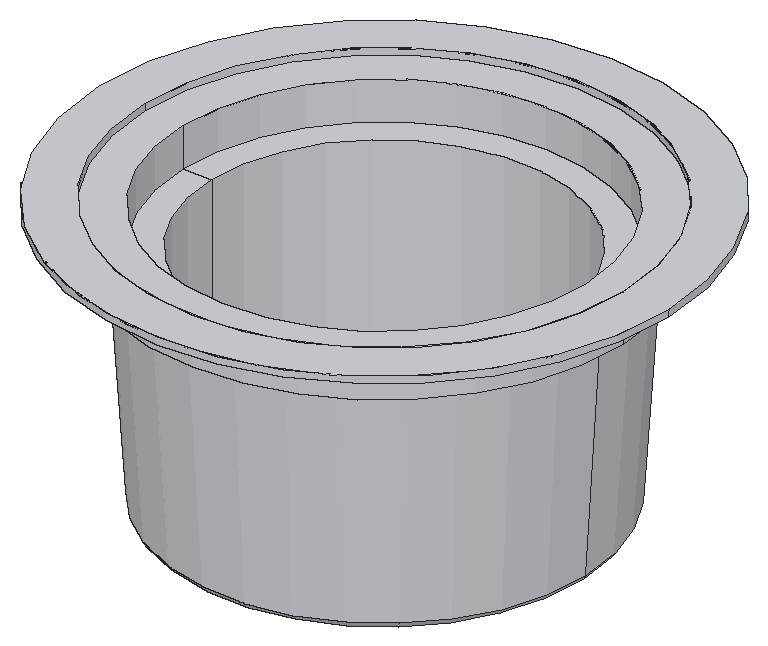
Revit family "Lighting-Terziario-GEWISS-ELIA-AL-LED_INCASSO_ACCENTO_D172", category Apparecchi per illuminazione, host Superficie, Revit 2019 (continued)
Types (16, lengths in mm): name | Temperatura di colore: | Temperatura di colore | Scheda Tecnica | Ottica | built-in parameter 1150142 | Lumen output (lm) | Model | IDT | File diagramma fotometrico | Description
  GWF1410MG840 - ELIA AL M2 40K 36° ST.ALONE ON/OFF CRI80 | "4000K" | "4000K" | "https://www.gewiss.com/it/it/search?q=GWF1410MG840" | "36°" | "IESNA:LM-63-1995\r\n[TEST] 1\r\n[DATE] 27 Nov 2019\r\n[MANUFAC] GEWISS\r\n[LUMCAT] GWF1410MG840\r\n[LUMINAIRE] ELIA AL - M2 36° LED840 25W\r\n[FLASHAREA] 0.003065\r\n[LAMPCAT] LED 25W/2700lm\r\n[LAMP] LED 25W/2700lm\r\nTILT=NONE\r\n1 2700.00 1.0 91 4 1 2 -0.127 0.000 0.000\r\n1.00 1.00 25.00\r\n0.00 1.00 2.00 3.00 4.00 5.00 6.00 7.00 8.00 9.00 10.00 \r\n11.00 12.00 13.00 14.00 15.00 16.00 17.00 18.00 19.00 \r\n20.00 21.00 22.00 23.00 24.00 25.00 26.00 27.00 28.00 \r\n29.00 30.00 31.00 32.00 33.00 34.00 35.00 36.00 37.00 \r\n38.00 39.00 40.00 41.00 42.00 43.00 44.00 45.00 46.00 \r\n47.00 48.00 49.00 50.00 51.00 52.00 53.00 54.00 55.00 \r\n56.00 57.00 58.00 59.00 60.00 61.00 62.00 63.00 64.00 \r\n65.00 66.00 67.00 68.00 69.00 70.00 71.00 72.00 73.00 \r\n74.00 75.00 76.00 77.00 78.00 79.00 80.00 81.00 82.00 \r\n83.00 84.00 85.00 86.00 87.00 88.00 89.00 90.00 \r\n0.00 30.00 60.00 90.00 \r\n5832.00 5814.45 5775.30 5721.30 5655.15 5564.70 5443.20 \r\n5314.95 5157.00 4982.85 4792.50 4579.20 4351.05 4108.05 \r\n3854.25 3600.45 3335.85 3075.57 2820.15 2575.26 2339.95 \r\n2122.47 1922.81 1731.38 1566.95 1418.31 1284.26 1167.75 \r\n1062.72 969.44 886.82 812.84 745.88 684.99 630.72 581.18 \r\n533.12 489.92 449.01 411.35 372.46 336.56 300.83 263.17 \r\n225.02 186.33 148.61 116.72 89.41 64.10 43.72 30.92 22.87 \r\n15.53 10.53 7.77 6.10 4.93 4.04 3.34 2.83 2.43 2.06 1.83 \r\n1.65 1.48 1.40 1.32 1.25 1.19 1.11 1.06 0.98 0.92 0.86 \r\n0.78 0.72 0.65 0.55 0.45 0.33 0.21 0.14 0.06 0.00 0.00 \r\n0.00 0.00 0.00 0.00 0.00 \r\n5811.75 5800.95 5761.80 5711.85 5636.93 5550.53 5436.45 \r\n5306.85 5153.63 4974.75 4779.00 4564.35 4336.20 4093.88 \r\n3846.15 3591.00 3330.45 3071.32 2817.52 2569.79 2338.07 \r\n2119.30 1920.24 1737.65 1569.78 1420.54 1287.56 1169.57 \r\n1064.95 972.27 889.18 816.55 751.75 692.41 639.70 590.42 \r\n545.74 501.86 462.11 424.37 386.44 349.62 313.90 274.18 \r\n235.14 194.60 154.31 118.61 88.18 62.23 42.57 29.84 21.30 \r\n13.99 9.71 7.34 5.83 4.78 3.97 3.34 2.84 2.42 2.05 1.81 \r\n1.65 1.51 1.41 1.35 1.30 1.20 1.13 1.07 1.00 0.95 0.86 \r\n0.80 0.72 0.64 0.54 0.44 0.34 0.20 0.10 0.06 0.00 0.00 \r\n0.00 0.00 0.00 0.00 0.00 \r\n5813.10 5799.60 5767.88 5713.20 5644.35 5555.93 5447.25 \r\n5310.90 5159.03 4976.78 4781.70 4565.03 4334.85 4096.57 \r\n3848.85 3593.70 3334.50 3075.71 2820.28 2578.23 2344.28 \r\n2127.40 1930.50 1748.52 1582.07 1431.81 1297.55 1178.95 \r\n1072.91 980.30 898.09 825.80 762.01 704.84 653.94 607.03 \r\n563.69 522.32 482.63 444.08 407.77 370.52 333.02 293.34 \r\n251.96 208.39 163.67 121.34 85.79 60.01 42.04 28.82 18.63 \r\n12.31 8.98 7.04 5.71 4.71 3.96 3.37 2.84 2.38 2.04 1.83 \r\n1.66 1.55 1.46 1.39 1.31 1.23 1.16 1.10 1.03 0.95 0.90 \r\n0.82 0.75 0.66 0.57 0.46 0.33 0.24 0.16 0.07 0.00 0.00 \r\n0.00 0.00 0.00 0.00 0.00 \r\n5813.10 5798.25 5769.90 5717.25 5643.00 5555.25 5443.20 \r\n5305.50 5151.60 4982.85 4781.70 4564.35 4336.20 4094.55 \r\n3847.50 3596.40 3337.20 3079.35 2824.61 2579.45 2350.35 \r\n2137.05 1941.98 1752.84 1586.93 1436.27 1301.81 1182.20 \r\n1077.44 983.34 900.18 827.69 765.32 709.56 660.01 611.01 \r\n568.89 528.39 488.16 450.36 414.45 377.70 339.34 299.12 \r\n256.59 211.92 164.25 118.69 80.62 56.82 41.93 27.93 17.13 \r\n11.67 8.83 6.98 5.71 4.74 4.01 3.42 2.88 2.39 2.08 1.81 \r\n1.68 1.57 1.49 1.41 1.33 1.27 1.19 1.11 1.06 1.00 0.90 \r\n0.84 0.76 0.67 0.58 0.48 0.35 0.26 0.18 0.04 0.00 0.00 \r\n0.00 0.00 0.00 0.00 0.00 \r\n" | "2700" | "GWF1410MG840" | "dac8aab5-3b7b-479a-a154-b0cba290e9b5" | "GWF1410MG840.IES" | "ELIA AL M2 40K 36° ST.ALONE ON/OFF CRI80"
  GWF1410MG940 - ELIA AL M2 40K 36° ST.ALONE ON/OFF CRI90 | "4000K" | "4000K" | "https://www.gewiss.com/it/it/search?q=GWF1410MG940" | "36°" | "IESNA:LM-63-1995\r\n[TEST] 1\r\n[DATE] 27 Nov 2019\r\n[MANUFAC] GEWISS\r\n[LUMCAT] GWF1410MG940\r\n[LUMINAIRE] ELIA AL - M2 36° LED940 25W\r\n[FLASHAREA] 0.003065\r\n[LAMPCAT] LED 25W/2300lm\r\n[LAMP] LED 25W/2300lm\r\nTILT=NONE\r\n1 2300.00 1.0 91 4 1 2 -0.127 0.000 0.000\r\n1.00 1.00 25.00\r\n0.00 1.00 2.00 3.00 4.00 5.00 6.00 7.00 8.00 9.00 10.00 \r\n11.00 12.00 13.00 14.00 15.00 16.00 17.00 18.00 19.00 \r\n20.00 21.00 22.00 23.00 24.00 25.00 26.00 27.00 28.00 \r\n29.00 30.00 31.00 32.00 33.00 34.00 35.00 36.00 37.00 \r\n38.00 39.00 40.00 41.00 42.00 43.00 44.00 45.00 46.00 \r\n47.00 48.00 49.00 50.00 51.00 52.00 53.00 54.00 55.00 \r\n56.00 57.00 58.00 59.00 60.00 61.00 62.00 63.00 64.00 \r\n65.00 66.00 67.00 68.00 69.00 70.00 71.00 72.00 73.00 \r\n74.00 75.00 76.00 77.00 78.00 79.00 80.00 81.00 82.00 \r\n83.00 84.00 85.00 86.00 87.00 88.00 89.00 90.00 \r\n0.00 30.00 60.00 90.00 \r\n4968.00 4953.05 4919.70 4873.70 4817.35 4740.30 4636.80 \r\n4527.55 4393.00 4244.65 4082.50 3900.80 3706.45 3499.45 \r\n3283.25 3067.05 2841.65 2619.93 2402.35 2193.74 1993.29 \r\n1808.03 1637.94 1474.87 1334.80 1208.19 1093.99 994.75 \r\n905.28 825.81 755.43 692.41 635.38 583.51 537.28 495.07 \r\n454.13 417.33 382.49 350.40 317.28 286.69 256.27 224.18 \r\n191.68 158.72 126.59 99.43 76.16 54.60 37.24 26.34 19.49 \r\n13.23 8.97 6.62 5.20 4.20 3.44 2.84 2.41 2.07 1.75 1.56 \r\n1.41 1.26 1.19 1.13 1.06 1.02 0.95 0.90 0.83 0.78 0.73 \r\n0.67 0.62 0.55 0.47 0.38 0.28 0.18 0.12 0.05 0.00 0.00 \r\n0.00 0.00 0.00 0.00 0.00 \r\n4950.75 4941.55 4908.20 4865.65 4801.82 4728.22 4631.05 \r\n4520.65 4390.13 4237.75 4071.00 3888.15 3693.80 3487.37 \r\n3276.35 3059.00 2837.05 2616.31 2400.11 2189.08 1991.68 \r\n1805.33 1635.76 1480.22 1337.22 1210.09 1096.81 996.30 \r\n907.18 828.23 757.45 695.58 640.38 589.83 544.93 502.95 \r\n464.89 427.51 393.64 361.50 329.19 297.82 267.40 233.56 \r\n200.30 165.77 131.44 101.04 75.12 53.01 36.27 25.42 18.15 \r\n11.92 8.27 6.25 4.97 4.08 3.38 2.84 2.42 2.06 1.75 1.54 \r\n1.40 1.28 1.21 1.15 1.11 1.02 0.97 0.91 0.85 0.81 0.73 \r\n0.68 0.62 0.55 0.46 0.37 0.29 0.17 0.09 0.05 0.00 0.00 \r\n0.00 0.00 0.00 0.00 0.00 \r\n4951.90 4940.40 4913.38 4866.80 4808.15 4732.82 4640.25 \r\n4524.10 4394.72 4239.47 4073.30 3888.72 3692.65 3489.67 \r\n3278.65 3061.30 2840.50 2620.05 2402.46 2196.27 1996.97 \r\n1812.23 1644.50 1489.48 1347.68 1219.69 1105.32 1004.29 \r\n913.96 835.07 765.04 703.46 649.12 600.41 557.06 517.10 \r\n480.18 444.93 411.12 378.29 347.36 315.63 283.69 249.88 \r\n214.64 177.52 139.43 103.36 73.08 51.12 35.81 24.55 15.87 \r\n10.49 7.65 6.00 4.86 4.02 3.37 2.87 2.42 2.03 1.74 1.56 \r\n1.41 1.32 1.25 1.18 1.11 1.05 0.99 0.94 0.88 0.81 0.76 \r\n0.70 0.64 0.56 0.49 0.40 0.28 0.20 0.13 0.06 0.00 0.00 \r\n0.00 0.00 0.00 0.00 0.00 \r\n4951.90 4939.25 4915.10 4870.25 4807.00 4732.25 4636.80 \r\n4519.50 4388.40 4244.65 4073.30 3888.15 3693.80 3487.95 \r\n3277.50 3063.60 2842.80 2623.15 2406.14 2197.30 2002.15 \r\n1820.45 1654.27 1493.16 1351.82 1223.48 1108.94 1007.05 \r\n917.81 837.66 766.82 705.06 651.93 604.44 562.23 520.49 \r\n484.61 450.11 415.84 383.64 353.05 321.75 289.06 254.81 \r\n218.58 180.53 139.92 101.11 68.68 48.40 35.72 23.79 14.59 \r\n9.94 7.53 5.95 4.86 4.04 3.41 2.91 2.45 2.04 1.78 1.55 \r\n1.43 1.34 1.27 1.20 1.13 1.08 1.01 0.95 0.90 0.85 0.77 \r\n0.72 0.65 0.57 0.50 0.41 0.30 0.22 0.16 0.03 0.00 0.00 \r\n0.00 0.00 0.00 0.00 0.00 \r\n" | "2430" | "GWF1410MG940" | "b264b49f-5d6f-4a66-ab17-1af13ed3dbcf" | "GWF1410MG940.IES" | "ELIA AL M2 40K 36° ST.ALONE ON/OFF CRI90"
  GWF1411MH840 - ELIA AL M2 40K 60° ST.ALONE DALI CRI80 | "4000K" | "4000K" | "https://www.gewiss.com/it/it/search?q=GWF1411MH840" | "60°" | "IESNA:LM-63-1995\r\n[TEST] 1\r\n[DATE] 27 Nov 2019\r\n[MANUFAC] GEWISS\r\n[LUMCAT] GWF1411MH840\r\n[LUMINAIRE] ELIA AL - M2 60° LED840 25W - DALI\r\n[FLASHAREA] 0.003065\r\n[LAMPCAT] LED 25W/2840lm\r\n[LAMP] LED 25W/2840lm\r\nTILT=NONE\r\n1 2840.00 1.0 91 4 1 2 -0.127 0.000 0.000\r\n1.00 1.00 25.00\r\n0.00 1.00 2.00 3.00 4.00 5.00 6.00 7.00 8.00 9.00 10.00 \r\n11.00 12.00 13.00 14.00 15.00 16.00 17.00 18.00 19.00 \r\n20.00 21.00 22.00 23.00 24.00 25.00 26.00 27.00 28.00 \r\n29.00 30.00 31.00 32.00 33.00 34.00 35.00 36.00 37.00 \r\n38.00 39.00 40.00 41.00 42.00 43.00 44.00 45.00 46.00 \r\n47.00 48.00 49.00 50.00 51.00 52.00 53.00 54.00 55.00 \r\n56.00 57.00 58.00 59.00 60.00 61.00 62.00 63.00 64.00 \r\n65.00 66.00 67.00 68.00 69.00 70.00 71.00 72.00 73.00 \r\n74.00 75.00 76.00 77.00 78.00 79.00 80.00 81.00 82.00 \r\n83.00 84.00 85.00 86.00 87.00 88.00 89.00 90.00 \r\n0.00 30.00 60.00 90.00 \r\n3382.44 3385.28 3389.54 3393.80 3395.22 3389.54 3378.18 \r\n3362.56 3346.94 3328.48 3311.44 3292.98 3267.42 3234.76 \r\n3195.00 3145.30 3081.40 3006.14 2920.94 2822.82 2717.03 \r\n2602.72 2481.17 2350.95 2215.48 2073.34 1928.50 1787.64 \r\n1641.80 1496.40 1354.40 1220.63 1099.79 990.88 892.61 \r\n804.15 724.20 652.77 587.45 526.96 471.16 419.18 370.90 \r\n324.61 280.62 236.93 194.92 154.14 117.18 87.90 64.82 \r\n46.31 31.62 21.92 15.01 9.69 6.17 4.04 3.17 2.70 2.36 \r\n2.12 1.86 1.63 1.47 1.34 1.26 1.19 1.12 1.07 1.00 0.96 \r\n0.91 0.86 0.79 0.73 0.67 0.60 0.52 0.43 0.34 0.25 0.16 \r\n0.08 0.00 0.00 0.00 0.00 0.00 0.00 0.00 \r\n3365.40 3368.24 3373.21 3375.34 3371.79 3363.98 3354.04 \r\n3341.26 3327.06 3310.02 3294.40 3273.10 3247.54 3212.75 \r\n3171.57 3121.16 3057.97 2983.42 2898.36 2803.65 2699.92 \r\n2587.45 2468.67 2342.22 2209.45 2070.79 1928.00 1784.87 \r\n1641.45 1497.11 1354.25 1222.69 1102.56 993.72 897.08 \r\n809.47 730.02 658.60 593.42 533.21 476.69 424.37 376.09 \r\n329.79 285.04 241.39 199.03 157.45 119.44 89.01 66.05 \r\n46.99 31.79 21.98 15.11 9.78 6.07 4.06 3.16 2.65 2.35 \r\n2.12 1.86 1.63 1.45 1.33 1.25 1.18 1.11 1.05 1.00 0.94 \r\n0.89 0.84 0.79 0.72 0.65 0.58 0.52 0.44 0.34 0.25 0.14 \r\n0.06 0.00 0.00 0.00 0.00 0.00 0.00 0.00 \r\n3365.40 3367.53 3372.50 3375.34 3371.79 3365.40 3351.20 \r\n3335.58 3319.96 3303.63 3288.01 3268.13 3241.86 3209.20 \r\n3168.02 3118.32 3055.84 2981.29 2896.30 2801.45 2697.86 \r\n2585.25 2466.18 2339.52 2205.90 2066.53 1924.17 1780.96 \r\n1640.60 1499.24 1357.31 1224.11 1103.20 993.93 897.08 \r\n809.75 731.23 660.23 595.55 536.33 479.39 426.92 379.85 \r\n333.13 287.19 243.32 200.25 158.28 119.28 88.84 66.58 \r\n47.00 31.94 22.08 15.23 9.89 5.99 4.15 3.16 2.67 2.38 \r\n2.14 1.89 1.66 1.47 1.35 1.28 1.20 1.13 1.08 1.01 0.96 \r\n0.90 0.86 0.80 0.73 0.68 0.60 0.53 0.45 0.36 0.26 0.15 \r\n0.04 0.00 0.00 0.00 0.00 0.00 0.00 0.00 \r\n3365.40 3366.82 3373.92 3376.76 3376.76 3368.24 3354.04 \r\n3335.58 3317.12 3300.08 3280.20 3261.74 3234.76 3203.52 \r\n3163.76 3112.64 3048.74 2974.90 2887.57 2794.13 2689.76 \r\n2577.44 2458.45 2332.63 2199.86 2060.99 1918.70 1775.00 \r\n1638.25 1497.11 1354.68 1221.63 1101.78 993.57 897.44 \r\n809.83 730.87 659.87 595.83 536.62 479.68 427.70 380.99 \r\n335.26 288.09 244.15 200.39 158.67 118.98 88.38 66.71 \r\n46.79 31.98 22.16 15.37 10.01 5.94 4.23 3.22 2.73 2.43 \r\n2.21 1.96 1.73 1.50 1.40 1.31 1.23 1.16 1.10 1.05 0.98 \r\n0.93 0.87 0.83 0.75 0.69 0.61 0.53 0.47 0.37 0.27 0.15 \r\n0.03 0.00 0.00 0.00 0.00 0.00 0.00 0.00 \r\n" | "2840" | "GWF1411MH840" | "811feeb8-1be9-4e25-a985-b7d70e74650b" | "GWF1411MH840.IES" | "ELIA AL M2 40K 60° ST.ALONE DALI CRI80"
  GWF1411MH940 - ELIA AL M2 40K 60° ST.ALONE DALI CRI90 | "4000K" | "4000K" | "https://www.gewiss.com/it/it/search?q=GWF1411MH940" | "60°" | "IESNA:LM-63-1995\r\n[TEST] 1\r\n[DATE] 27 Nov 2019\r\n[MANUFAC] GEWISS\r\n[LUMCAT] GWF1411MH940\r\n[LUMINAIRE] ELIA AL - M2 60° LED940 25W - DALI\r\n[FLASHAREA] 0.003065\r\n[LAMPCAT] LED 25W/2400lm\r\n[LAMP] LED 25W/2400lm\r\nTILT=NONE\r\n1 2400.00 1.0 91 4 1 2 -0.127 0.000 0.000\r\n1.00 1.00 25.00\r\n0.00 1.00 2.00 3.00 4.00 5.00 6.00 7.00 8.00 9.00 10.00 \r\n11.00 12.00 13.00 14.00 15.00 16.00 17.00 18.00 19.00 \r\n20.00 21.00 22.00 23.00 24.00 25.00 26.00 27.00 28.00 \r\n29.00 30.00 31.00 32.00 33.00 34.00 35.00 36.00 37.00 \r\n38.00 39.00 40.00 41.00 42.00 43.00 44.00 45.00 46.00 \r\n47.00 48.00 49.00 50.00 51.00 52.00 53.00 54.00 55.00 \r\n56.00 57.00 58.00 59.00 60.00 61.00 62.00 63.00 64.00 \r\n65.00 66.00 67.00 68.00 69.00 70.00 71.00 72.00 73.00 \r\n74.00 75.00 76.00 77.00 78.00 79.00 80.00 81.00 82.00 \r\n83.00 84.00 85.00 86.00 87.00 88.00 89.00 90.00 \r\n0.00 30.00 60.00 90.00 \r\n2858.40 2860.80 2864.40 2868.00 2869.20 2864.40 2854.80 \r\n2841.60 2828.40 2812.80 2798.40 2782.80 2761.20 2733.60 \r\n2700.00 2658.00 2604.00 2540.40 2468.40 2385.48 2296.08 \r\n2199.48 2096.76 1986.72 1872.24 1752.12 1629.72 1510.68 \r\n1387.44 1264.56 1144.56 1031.52 929.40 837.36 754.32 \r\n679.56 612.00 551.64 496.44 445.32 398.16 354.24 313.44 \r\n274.32 237.14 200.22 164.72 130.26 99.02 74.28 54.78 \r\n39.13 26.72 18.53 12.68 8.19 5.21 3.41 2.68 2.28 1.99 \r\n1.79 1.57 1.38 1.24 1.13 1.06 1.00 0.95 0.90 0.84 0.82 \r\n0.77 0.73 0.67 0.62 0.57 0.51 0.44 0.36 0.28 0.21 0.14 \r\n0.07 0.00 0.00 0.00 0.00 0.00 0.00 0.00 \r\n2844.00 2846.40 2850.60 2852.40 2849.40 2842.80 2834.40 \r\n2823.60 2811.60 2797.20 2784.00 2766.00 2744.40 2715.00 \r\n2680.20 2637.60 2584.20 2521.20 2449.32 2369.28 2281.62 \r\n2186.58 2086.20 1979.34 1867.14 1749.96 1629.30 1508.34 \r\n1387.14 1265.16 1144.44 1033.26 931.74 839.76 758.10 \r\n684.06 616.92 556.56 501.48 450.60 402.84 358.62 317.82 \r\n278.70 240.88 203.99 168.20 133.06 100.93 75.22 55.82 \r\n39.71 26.86 18.57 12.77 8.27 5.13 3.43 2.67 2.24 1.98 \r\n1.79 1.57 1.38 1.23 1.13 1.06 0.99 0.94 0.89 0.85 0.80 \r\n0.75 0.71 0.67 0.61 0.55 0.49 0.44 0.37 0.29 0.21 0.11 \r\n0.05 0.00 0.00 0.00 0.00 0.00 0.00 0.00 \r\n2844.00 2845.80 2850.00 2852.40 2849.40 2844.00 2832.00 \r\n2818.80 2805.60 2791.80 2778.60 2761.80 2739.60 2712.00 \r\n2677.20 2635.20 2582.40 2519.40 2447.58 2367.42 2279.88 \r\n2184.72 2084.10 1977.06 1864.14 1746.36 1626.06 1505.04 \r\n1386.42 1266.96 1147.02 1034.46 932.28 839.94 758.10 \r\n684.30 617.94 557.94 503.28 453.24 405.12 360.78 321.00 \r\n281.52 242.69 205.63 169.22 133.76 100.80 75.07 56.26 \r\n39.72 26.99 18.66 12.87 8.36 5.06 3.51 2.67 2.26 2.01 \r\n1.81 1.60 1.41 1.24 1.14 1.09 1.01 0.96 0.91 0.86 0.81 \r\n0.76 0.72 0.68 0.62 0.57 0.51 0.45 0.38 0.31 0.22 0.13 \r\n0.03 0.00 0.00 0.00 0.00 0.00 0.00 0.00 \r\n2844.00 2845.20 2851.20 2853.60 2853.60 2846.40 2834.40 \r\n2818.80 2803.20 2788.80 2772.00 2756.40 2733.60 2707.20 \r\n2673.60 2630.40 2576.40 2514.00 2440.20 2361.24 2273.04 \r\n2178.12 2077.56 1971.24 1859.04 1741.68 1621.44 1500.00 \r\n1384.44 1265.16 1144.80 1032.36 931.08 839.64 758.40 \r\n684.36 617.64 557.64 503.52 453.48 405.36 361.44 321.96 \r\n283.32 243.46 206.33 169.34 134.09 100.55 74.69 56.38 \r\n39.54 27.02 18.73 12.99 8.46 5.02 3.58 2.72 2.31 2.06 \r\n1.87 1.66 1.46 1.26 1.18 1.11 1.04 0.98 0.93 0.89 0.83 \r\n0.78 0.74 0.70 0.63 0.58 0.52 0.45 0.39 0.31 0.22 0.13 \r\n0.02 0.00 0.00 0.00 0.00 0.00 0.00 0.00 \r\n" | "2550" | "GWF1411MH940" | "c1be2df2-232f-40c1-8cd1-aa0a19295d6b" | "GWF1411MH940.IES" | "ELIA AL M2 40K 60° ST.ALONE DALI CRI90"
  GWF1410MH840 - ELIA AL M2 40K 60° ST.ALONE ON/OFF CRI80 | "4000K" | "4000K" | "https://www.gewiss.com/it/it/search?q=GWF1410MH840" | "60°" | "IESNA:LM-63-1995\r\n[TEST] 1\r\n[DATE] 27 Nov 2019\r\n[MANUFAC] GEWISS\r\n[LUMCAT] GWF1410MH840\r\n[LUMINAIRE] ELIA AL - M2 60° LED840 25W\r\n[FLASHAREA] 0.003065\r\n[LAMPCAT] LED 25W/2840lm\r\n[LAMP] LED 25W/2840lm\r\nTILT=NONE\r\n1 2840.00 1.0 91 4 1 2 -0.127 0.000 0.000\r\n1.00 1.00 25.00\r\n0.00 1.00 2.00 3.00 4.00 5.00 6.00 7.00 8.00 9.00 10.00 \r\n11.00 12.00 13.00 14.00 15.00 16.00 17.00 18.00 19.00 \r\n20.00 21.00 22.00 23.00 24.00 25.00 26.00 27.00 28.00 \r\n29.00 30.00 31.00 32.00 33.00 34.00 35.00 36.00 37.00 \r\n38.00 39.00 40.00 41.00 42.00 43.00 44.00 45.00 46.00 \r\n47.00 48.00 49.00 50.00 51.00 52.00 53.00 54.00 55.00 \r\n56.00 57.00 58.00 59.00 60.00 61.00 62.00 63.00 64.00 \r\n65.00 66.00 67.00 68.00 69.00 70.00 71.00 72.00 73.00 \r\n74.00 75.00 76.00 77.00 78.00 79.00 80.00 81.00 82.00 \r\n83.00 84.00 85.00 86.00 87.00 88.00 89.00 90.00 \r\n0.00 30.00 60.00 90.00 \r\n3382.44 3385.28 3389.54 3393.80 3395.22 3389.54 3378.18 \r\n3362.56 3346.94 3328.48 3311.44 3292.98 3267.42 3234.76 \r\n3195.00 3145.30 3081.40 3006.14 2920.94 2822.82 2717.03 \r\n2602.72 2481.17 2350.95 2215.48 2073.34 1928.50 1787.64 \r\n1641.80 1496.40 1354.40 1220.63 1099.79 990.88 892.61 \r\n804.15 724.20 652.77 587.45 526.96 471.16 419.18 370.90 \r\n324.61 280.62 236.93 194.92 154.14 117.18 87.90 64.82 \r\n46.31 31.62 21.92 15.01 9.69 6.17 4.04 3.17 2.70 2.36 \r\n2.12 1.86 1.63 1.47 1.34 1.26 1.19 1.12 1.07 1.00 0.96 \r\n0.91 0.86 0.79 0.73 0.67 0.60 0.52 0.43 0.34 0.25 0.16 \r\n0.08 0.00 0.00 0.00 0.00 0.00 0.00 0.00 \r\n3365.40 3368.24 3373.21 3375.34 3371.79 3363.98 3354.04 \r\n3341.26 3327.06 3310.02 3294.40 3273.10 3247.54 3212.75 \r\n3171.57 3121.16 3057.97 2983.42 2898.36 2803.65 2699.92 \r\n2587.45 2468.67 2342.22 2209.45 2070.79 1928.00 1784.87 \r\n1641.45 1497.11 1354.25 1222.69 1102.56 993.72 897.08 \r\n809.47 730.02 658.60 593.42 533.21 476.69 424.37 376.09 \r\n329.79 285.04 241.39 199.03 157.45 119.44 89.01 66.05 \r\n46.99 31.79 21.98 15.11 9.78 6.07 4.06 3.16 2.65 2.35 \r\n2.12 1.86 1.63 1.45 1.33 1.25 1.18 1.11 1.05 1.00 0.94 \r\n0.89 0.84 0.79 0.72 0.65 0.58 0.52 0.44 0.34 0.25 0.14 \r\n0.06 0.00 0.00 0.00 0.00 0.00 0.00 0.00 \r\n3365.40 3367.53 3372.50 3375.34 3371.79 3365.40 3351.20 \r\n3335.58 3319.96 3303.63 3288.01 3268.13 3241.86 3209.20 \r\n3168.02 3118.32 3055.84 2981.29 2896.30 2801.45 2697.86 \r\n2585.25 2466.18 2339.52 2205.90 2066.53 1924.17 1780.96 \r\n1640.60 1499.24 1357.31 1224.11 1103.20 993.93 897.08 \r\n809.75 731.23 660.23 595.55 536.33 479.39 426.92 379.85 \r\n333.13 287.19 243.32 200.25 158.28 119.28 88.84 66.58 \r\n47.00 31.94 22.08 15.23 9.89 5.99 4.15 3.16 2.67 2.38 \r\n2.14 1.89 1.66 1.47 1.35 1.28 1.20 1.13 1.08 1.01 0.96 \r\n0.90 0.86 0.80 0.73 0.68 0.60 0.53 0.45 0.36 0.26 0.15 \r\n0.04 0.00 0.00 0.00 0.00 0.00 0.00 0.00 \r\n3365.40 3366.82 3373.92 3376.76 3376.76 3368.24 3354.04 \r\n3335.58 3317.12 3300.08 3280.20 3261.74 3234.76 3203.52 \r\n3163.76 3112.64 3048.74 2974.90 2887.57 2794.13 2689.76 \r\n2577.44 2458.45 2332.63 2199.86 2060.99 1918.70 1775.00 \r\n1638.25 1497.11 1354.68 1221.63 1101.78 993.57 897.44 \r\n809.83 730.87 659.87 595.83 536.62 479.68 427.70 380.99 \r\n335.26 288.09 244.15 200.39 158.67 118.98 88.38 66.71 \r\n46.79 31.98 22.16 15.37 10.01 5.94 4.23 3.22 2.73 2.43 \r\n2.21 1.96 1.73 1.50 1.40 1.31 1.23 1.16 1.10 1.05 0.98 \r\n0.93 0.87 0.83 0.75 0.69 0.61 0.53 0.47 0.37 0.27 0.15 \r\n0.03 0.00 0.00 0.00 0.00 0.00 0.00 0.00 \r\n" | "2840" | "GWF1410MH840" | "9b1967a0-f2df-450d-9397-f0da209af0c0" | "GWF1410MH840.IES" | "ELIA AL M2 40K 60° ST.ALONE ON/OFF CRI80"
  GWF1410MH940 - ELIA AL M2 40K 60° ST.ALONE ON/OFF CRI90 | "4000K" | "4000K" | "https://www.gewiss.com/it/it/search?q=GWF1410MH940" | "60°" | "IESNA:LM-63-1995\r\n[TEST] 1\r\n[DATE] 27 Nov 2019\r\n[MANUFAC] GEWISS\r\n[LUMCAT] GWF1410MH940\r\n[LUMINAIRE] ELIA AL - M2 60° LED940 25W\r\n[FLASHAREA] 0.003065\r\n[LAMPCAT] LED 25W/2400lm\r\n[LAMP] LED 25W/2400lm\r\nTILT=NONE\r\n1 2400.00 1.0 91 4 1 2 -0.127 0.000 0.000\r\n1.00 1.00 25.00\r\n0.00 1.00 2.00 3.00 4.00 5.00 6.00 7.00 8.00 9.00 10.00 \r\n11.00 12.00 13.00 14.00 15.00 16.00 17.00 18.00 19.00 \r\n20.00 21.00 22.00 23.00 24.00 25.00 26.00 27.00 28.00 \r\n29.00 30.00 31.00 32.00 33.00 34.00 35.00 36.00 37.00 \r\n38.00 39.00 40.00 41.00 42.00 43.00 44.00 45.00 46.00 \r\n47.00 48.00 49.00 50.00 51.00 52.00 53.00 54.00 55.00 \r\n56.00 57.00 58.00 59.00 60.00 61.00 62.00 63.00 64.00 \r\n65.00 66.00 67.00 68.00 69.00 70.00 71.00 72.00 73.00 \r\n74.00 75.00 76.00 77.00 78.00 79.00 80.00 81.00 82.00 \r\n83.00 84.00 85.00 86.00 87.00 88.00 89.00 90.00 \r\n0.00 30.00 60.00 90.00 \r\n2858.40 2860.80 2864.40 2868.00 2869.20 2864.40 2854.80 \r\n2841.60 2828.40 2812.80 2798.40 2782.80 2761.20 2733.60 \r\n2700.00 2658.00 2604.00 2540.40 2468.40 2385.48 2296.08 \r\n2199.48 2096.76 1986.72 1872.24 1752.12 1629.72 1510.68 \r\n1387.44 1264.56 1144.56 1031.52 929.40 837.36 754.32 \r\n679.56 612.00 551.64 496.44 445.32 398.16 354.24 313.44 \r\n274.32 237.14 200.22 164.72 130.26 99.02 74.28 54.78 \r\n39.13 26.72 18.53 12.68 8.19 5.21 3.41 2.68 2.28 1.99 \r\n1.79 1.57 1.38 1.24 1.13 1.06 1.00 0.95 0.90 0.84 0.82 \r\n0.77 0.73 0.67 0.62 0.57 0.51 0.44 0.36 0.28 0.21 0.14 \r\n0.07 0.00 0.00 0.00 0.00 0.00 0.00 0.00 \r\n2844.00 2846.40 2850.60 2852.40 2849.40 2842.80 2834.40 \r\n2823.60 2811.60 2797.20 2784.00 2766.00 2744.40 2715.00 \r\n2680.20 2637.60 2584.20 2521.20 2449.32 2369.28 2281.62 \r\n2186.58 2086.20 1979.34 1867.14 1749.96 1629.30 1508.34 \r\n1387.14 1265.16 1144.44 1033.26 931.74 839.76 758.10 \r\n684.06 616.92 556.56 501.48 450.60 402.84 358.62 317.82 \r\n278.70 240.88 203.99 168.20 133.06 100.93 75.22 55.82 \r\n39.71 26.86 18.57 12.77 8.27 5.13 3.43 2.67 2.24 1.98 \r\n1.79 1.57 1.38 1.23 1.13 1.06 0.99 0.94 0.89 0.85 0.80 \r\n0.75 0.71 0.67 0.61 0.55 0.49 0.44 0.37 0.29 0.21 0.11 \r\n0.05 0.00 0.00 0.00 0.00 0.00 0.00 0.00 \r\n2844.00 2845.80 2850.00 2852.40 2849.40 2844.00 2832.00 \r\n2818.80 2805.60 2791.80 2778.60 2761.80 2739.60 2712.00 \r\n2677.20 2635.20 2582.40 2519.40 2447.58 2367.42 2279.88 \r\n2184.72 2084.10 1977.06 1864.14 1746.36 1626.06 1505.04 \r\n1386.42 1266.96 1147.02 1034.46 932.28 839.94 758.10 \r\n684.30 617.94 557.94 503.28 453.24 405.12 360.78 321.00 \r\n281.52 242.69 205.63 169.22 133.76 100.80 75.07 56.26 \r\n39.72 26.99 18.66 12.87 8.36 5.06 3.51 2.67 2.26 2.01 \r\n1.81 1.60 1.41 1.24 1.14 1.09 1.01 0.96 0.91 0.86 0.81 \r\n0.76 0.72 0.68 0.62 0.57 0.51 0.45 0.38 0.31 0.22 0.13 \r\n0.03 0.00 0.00 0.00 0.00 0.00 0.00 0.00 \r\n2844.00 2845.20 2851.20 2853.60 2853.60 2846.40 2834.40 \r\n2818.80 2803.20 2788.80 2772.00 2756.40 2733.60 2707.20 \r\n2673.60 2630.40 2576.40 2514.00 2440.20 2361.24 2273.04 \r\n2178.12 2077.56 1971.24 1859.04 1741.68 1621.44 1500.00 \r\n1384.44 1265.16 1144.80 1032.36 931.08 839.64 758.40 \r\n684.36 617.64 557.64 503.52 453.48 405.36 361.44 321.96 \r\n283.32 243.46 206.33 169.34 134.09 100.55 74.69 56.38 \r\n39.54 27.02 18.73 12.99 8.46 5.02 3.58 2.72 2.31 2.06 \r\n1.87 1.66 1.46 1.26 1.18 1.11 1.04 0.98 0.93 0.89 0.83 \r\n0.78 0.74 0.70 0.63 0.58 0.52 0.45 0.39 0.31 0.22 0.13 \r\n0.02 0.00 0.00 0.00 0.00 0.00 0.00 0.00 \r\n" | "2550" | "GWF1410MH940" | "1517997e-dc7f-4757-a671-0a8d38be3321" | "GWF1410MH940.IES" | "ELIA AL M2 40K 60° ST.ALONE ON/OFF CRI90"
